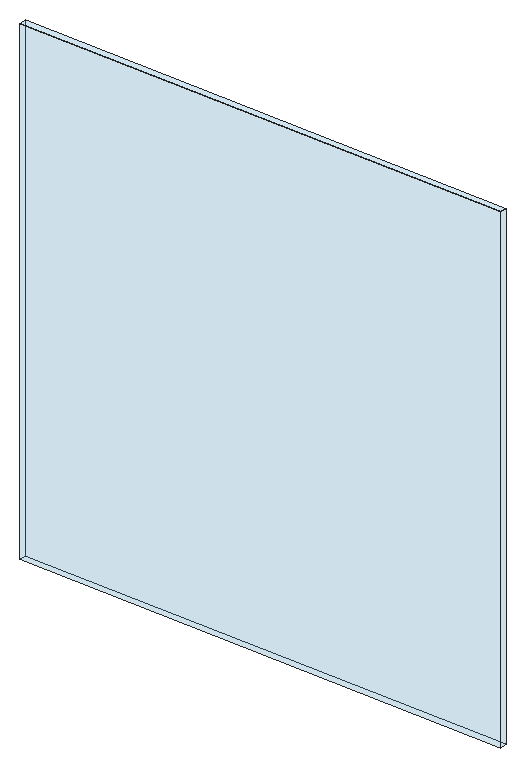
Revit family
Parameters (values of type "72" x 72"")
  Sealant = 0' - 0 3/8"
  Pocket Depth [instance] = 0' - 0 1/2"
  Head Height = Sill Height + Rough Height - Sealant  # 8' - 11 5/8"
  Depth [instance] = 0' - 9"
  Sill Height = 3' - 0"
  Rough Width = 6' - 0"
  Rough Height = 6' - 0"
  Model = "TC970"
  Material = ""
  Manufacturer = "Arcadia"
  Sightline = 0' - 2 5/8"
  Height = Rough Height - Sealant - Sealant  # 5' - 11 1/4"
  Wall Closure = (empty or 0)
  Width = Rough Width - Sealant - Sealant  # 5' - 11 1/4"
  Glass Thickness [instance] = 0' - 1"
  Offset to Inside Face of Glass [instance] = 0' - 7"
  Exterior Glass Offset [instance] = 0' - 2"
  Construction Type = "Aluminum"
  SBI [instance] = yes
  Center of Rough Opening [instance] = Rough Width / 2  # 3' - 0"
  Center of Glass [instance] = Glass Thickness / 2  # 0' - 0 1/2"
  Center Wall to Outside Face [instance] = 0' - 2 7/8"
  Assembly Code = ""
Reference planes (in)
  plane 1 "Center (Front/Back)": y = 0
  plane 2: z = 0
  plane 3 "Center (Left/Right)": x = 12
  plane 4 "Rough Opening Bottom": z = 36
  plane 5 "Rough Opening Top": z = 108
  plane 6 "Exterior Face": y = 5.5
  plane 7 "Frame Top": z = 105.375
  plane 8 "Frame Bottom": z = 38.625
  plane 9 "Rough Opening Left": x = -24
  plane 10 "Rough Opening Right": x = 48
  plane 11 "Frame Left": x = -21.375
  plane 12 "Frame Right": x = 45.375
  plane 13 "Exterior Wall Closer": y = 2
  plane 14 "Exterior Glass Edge": y = 3.04894
  plane 15 "Interior Glass Edge": y = 2.04894
  plane 16 "Glass Centerline": y = 2.54894
  plane 17 "Frame Outside": y = 4.04894
  plane 18 "Frame Inside": y = -4.95106
  plane 19: z = 105.875
  plane 20: z = 38.125
  plane 21: x = 45.875
  plane 22: x = -21.875
  plane 23: x = -23.625
  plane 24: x = 47.625
  plane 25: z = 36.375
  plane 26: z = 107.625
Forms (in)
  Extrusion 1, solid, material "Anodize Arcadia AC2 Clear #11", visible <- "SBI", detail levels coarse
    sketch origin (0, 0, 36) x (0, -1, 0) y (1, 0, 0)
      loop
        line (-4.04894, -24) -> (4.95106, -24) -> (4.95106, -21.375) -> (-2.04894, -21.375) -> (-2.04894, -21.875) -> (-3.04894, -21.875) -> (-3.04894, -21.375) -> (-4.04894, -21.375) -> (-4.04894, -24)
    from 0 to 72 <- "Rough Height"
  Extrusion 2, solid, material "Anodize Arcadia AC2 Clear #11", visible <- "SBI", detail levels coarse
    sketch origin (0, 0, 36) x (0, -1, 0) y (1, 0, 0)
      loop
        line (-4.04894, 45.375) -> (-3.04894, 45.375) -> (-3.04894, 45.875) -> (-2.04894, 45.875) -> (-2.04894, 45.375) -> (4.95106, 45.375) -> (4.95106, 48) -> (-4.04894, 48) -> (-4.04894, 45.375)
    from 0 to 72 <- "Rough Height"
  Extrusion 3, solid, material "Glass", visible <- "SBI"
    sketch origin (-0.5, 0, 36) x (0, -1, 0) y (1, 0, 0)
      loop
        line (-3.04894, -21.375) -> (-2.04894, -21.375) -> (-2.04894, 46.375) -> (-3.04894, 46.375) -> (-3.04894, -21.375)
    from 2.125 to 69.875
  Extrusion 4, solid, material "Anodize Arcadia AC2 Clear #11", detail levels coarse
    sketch origin (-24, 0, 0) x (0, 1, 0) y (0, 0, 1)
      loop
        line (-4.95106, 108) -> (-4.95106, 105.375) -> (2.04894, 105.375) -> (2.04894, 105.875) -> (3.04894, 105.875) -> (3.04894, 105.375) -> (4.04894, 105.375) -> (4.04894, 108) -> (-4.95106, 108)
    from 0 to 72 <- "Rough Width"
  Extrusion 5, solid, material "Anodize Arcadia AC2 Clear #11", detail levels coarse
    sketch origin (-24, 0, 0) x (0, 1, 0) y (0, 0, 1)
      loop
        line (4.04894, 38.625) -> (3.04894, 38.625) -> (3.04894, 38.125) -> (2.04894, 38.125) -> (2.04894, 38.625) -> (-4.95106, 38.625) -> (-4.95106, 36) -> (4.04894, 36) -> (4.04894, 38.625)
    from 0 to 72 <- "Rough Width"
  Extrusion 6, void
    sketch origin (0, 0, 36) x (0, -1, 0) y (1, 0, 0)
      loop
        line (-5.5, -24) -> (2.5, -24) -> (2.5, 48) -> (-5.5, 48) -> (-5.5, -24)
    from 0 to 72 <- "Rough Height"
Lines and regions (in)
  symbolic lines, detail levels coarse
    curve 1: line (45.375, 4.04894, 0) -> (48, 4.04894, 0)
    curve 2: line (45.375, -4.95106, 0) -> (45.375, 2.04894, 0)
    curve 3: line (48, -4.95106, 0) -> (45.375, -4.95106, 0)
    curve 4: line (48, 4.04894, 0) -> (48, -4.95106, 0)
    curve 5: line (-21.875, 3.04894, 0) -> (45.875, 3.04894, 0)
    curve 6: line (45.875, 3.04894, 0) -> (45.875, 2.04894, 0)
    curve 7: line (45.875, 2.04894, 0) -> (-21.875, 2.04894, 0)
    curve 8: line (45.375, 3.04894, 0) -> (45.375, 4.04894, 0)
    curve 9: line (-21.375, 4.04894, 0) -> (-24, 4.04894, 0)
    curve 10: line (-21.375, -4.95106, 0) -> (-21.375, 2.04894, 0)
    curve 11: line (-24, -4.95106, 0) -> (-21.375, -4.95106, 0)
    curve 12: line (-24, 4.04894, 0) -> (-24, -4.95106, 0)
    curve 13: line (-21.875, 3.04894, 0) -> (-21.875, 2.04894, 0)
    curve 14: line (-21.375, 3.04894, 0) -> (-21.375, 4.04894, 0)
Text (in)
  text "EXTERIOR" at (-58.6888, 50.90694, 0), in view "Ref. Level"
  text "INTERIOR" at (-58.6888, -37.76638, 0), in view "Ref. Level"
  text "Exterior" at (0, 43.65631, 123.19604), in view "Left"
  text "Exterior" at (0, 18.29385, 125.04747), in view "Right"
Dimensions and locks (in)
  "Rough Height": plane 4 "Rough Opening Bottom" to plane 5 "Rough Opening Top"
  "Sill Height": plane 2 to plane 4 "Rough Opening Bottom"
  "Sightline": plane 7 "Frame Top" to plane 5 "Rough Opening Top"
  "Sightline": plane 4 "Rough Opening Bottom" to plane 8 "Frame Bottom"
  "Rough Width": plane 9 "Rough Opening Left" to plane 10 "Rough Opening Right"
  "Sightline": plane 9 "Rough Opening Left" to plane 11 "Frame Left"
  "Sightline": plane 12 "Frame Right" to plane 10 "Rough Opening Right"
  "Depth": plane 18 "Frame Inside" to plane 17 "Frame Outside"
  "Glass Thickness": plane 14 "Exterior Glass Edge" to plane 15 "Interior Glass Edge"
  "Center of Glass": plane 16 "Glass Centerline" to plane 15 "Interior Glass Edge"
  "Center of Rough Opening": plane 9 "Rough Opening Left" to plane 3 "Center (Left/Right)"
  "Offset to Inside Face of Glass": plane 18 "Frame Inside" to plane 15 "Interior Glass Edge"
  "Pocket Depth": plane 12 "Frame Right" to plane 21
  "Pocket Depth": plane 22 to plane 11 "Frame Left"
  "Pocket Depth": plane 7 "Frame Top" to plane 19
  "Pocket Depth": plane 20 to plane 8 "Frame Bottom"
  "Sealant": plane 24 to plane 10 "Rough Opening Right"
  "Sealant": plane 9 "Rough Opening Left" to plane 23
  "Sealant": plane 4 "Rough Opening Bottom" to plane 25
  "Sealant": plane 26 to plane 5 "Rough Opening Top"
  aligned and locked: plane 6 "Exterior Face" to host wall
  aligned and locked: Extrusion 1 sketch curve to plane 18 "Frame Inside"
  aligned and locked: plane 17 "Frame Outside" to Extrusion 1 sketch curve
  aligned and locked: Extrusion 1 sketch curve to plane 11 "Frame Left"
  aligned and locked: plane 9 "Rough Opening Left" to Extrusion 1 sketch curve
  aligned and locked: plane 12 "Frame Right" to Extrusion 2 sketch curve
  aligned and locked: Extrusion 2 sketch curve to plane 10 "Rough Opening Right"
  aligned and locked: Extrusion 2 sketch curve to plane 18 "Frame Inside"
  aligned and locked: plane 17 "Frame Outside" to Extrusion 2 sketch curve
  aligned and locked: Extrusion 3 sketch curve to plane 14 "Exterior Glass Edge"
  aligned and locked: plane 15 "Interior Glass Edge" to Extrusion 3 sketch curve
  aligned and locked: plane 5 "Rough Opening Top" to Extrusion 4 sketch curve
  aligned and locked: Extrusion 4 sketch curve to plane 7 "Frame Top"
  aligned and locked: Extrusion 4 sketch curve to plane 18 "Frame Inside"
  aligned and locked: plane 17 "Frame Outside" to Extrusion 4 sketch curve
  aligned and locked: Extrusion 5 sketch curve to plane 4 "Rough Opening Bottom"
  aligned and locked: plane 8 "Frame Bottom" to Extrusion 5 sketch curve
  aligned and locked: Extrusion 5 sketch curve to plane 18 "Frame Inside"
  aligned and locked: plane 17 "Frame Outside" to Extrusion 5 sketch curve
  aligned and locked: plane 4 "Rough Opening Bottom" to nested 3
  aligned and locked: nested 2 to plane 5 "Rough Opening Top"
  aligned and locked: Extrusion 3 to plane 22
  aligned and locked: plane 20 to Extrusion 3
  aligned and locked: Extrusion 3 to plane 19
  aligned and locked: plane 18 "Frame Inside" to nested 3
  aligned and locked: plane 18 "Frame Inside" to nested 2
  aligned and locked: nested 4 to plane 9 "Rough Opening Left"
  aligned and locked: nested 4 to plane 17 "Frame Outside"
  aligned and locked: nested 1 to plane 17 "Frame Outside"
  aligned and locked: plane 10 "Rough Opening Right" to nested 1
  aligned and locked: Extrusion 2 sketch curve to plane 14 "Exterior Glass Edge"
  aligned and locked: plane 15 "Interior Glass Edge" to Extrusion 2 sketch curve
  aligned and locked: Extrusion 2 sketch curve to plane 21
  aligned and locked: plane 14 "Exterior Glass Edge" to Extrusion 1 sketch curve
  aligned and locked: Extrusion 1 sketch curve to plane 15 "Interior Glass Edge"
  aligned and locked: Extrusion 1 sketch curve to plane 22
  aligned and locked: plane 14 "Exterior Glass Edge" to Extrusion 4 sketch curve
  aligned and locked: Extrusion 4 sketch curve to plane 15 "Interior Glass Edge"
  aligned and locked: Extrusion 4 sketch curve to plane 19
  aligned and locked: plane 14 "Exterior Glass Edge" to Extrusion 5 sketch curve
  aligned and locked: Extrusion 5 sketch curve to plane 15 "Interior Glass Edge"
  aligned and locked: plane 20 to Extrusion 5 sketch curve
  aligned and locked: plane 17 "Frame Outside" to curve 1
  aligned and locked: curve 3 to plane 18 "Frame Inside"
  aligned and locked: curve 4 to plane 10 "Rough Opening Right"
  aligned and locked: plane 12 "Frame Right" to curve 8
  aligned and locked: plane 12 "Frame Right" to curve 2
  aligned and locked: curve 6 to plane 21
  aligned and locked: curve 5 to plane 14 "Exterior Glass Edge"
  aligned and locked: plane 15 "Interior Glass Edge" to curve 7
  aligned and locked: curve 12 to plane 9 "Rough Opening Left"
  aligned and locked: plane 11 "Frame Left" to curve 14
  aligned and locked: plane 11 "Frame Left" to curve 10
  aligned and locked: curve 13 to plane 22
  aligned and locked: plane 18 "Frame Inside" to curve 11
  aligned and locked: curve 9 to plane 17 "Frame Outside"
  aligned and locked: level to plane 2
  aligned and locked: plane 9 "Rough Opening Left" to Extrusion 6 sketch curve
  aligned and locked: plane 6 "Exterior Face" to Extrusion 6 sketch curve
  aligned and locked: host wall to Extrusion 6 sketch curve
  aligned and locked: plane 10 "Rough Opening Right" to Extrusion 6 sketch curve
  aligned and locked: plane 10 "Rough Opening Right" to import instance
  aligned and locked: import instance to plane 18 "Frame Inside"  (x2)
  aligned and locked: import instance to plane 9 "Rough Opening Left"
  aligned and locked: plane 18 "Frame Inside" to import instance
  aligned and locked: plane 17 "Frame Outside" to import instance
  aligned and locked: import instance to plane 4 "Rough Opening Bottom"
  aligned and locked: import instance to plane 5 "Rough Opening Top"
Automatic sketch dimensions
  Extrusion 1 sketch curve to plane 11 "Frame Left" = 0' - 0"
  Extrusion 2 sketch curve to plane 12 "Frame Right" = 0' - 0"
  Extrusion 4 sketch curve to plane 7 "Frame Top" = 0' - 0"
  Extrusion 5 sketch curve to plane 8 "Frame Bottom" = 0' - 0"
  Extrusion 3 sketch curve to plane 22 = 0' - 0"
  Extrusion 3 sketch curve to plane 21 = 0' - 0"
Nested families (in)
  nested 1: "Window-Arcadia-TC970-Med-Jamb-R" at (46.9375, 2.54894, 0) x (-1, 0, 0) z (0, 0, 1), type "Window-Arcadia-TC970-Med-Jamb-R", detail levels medium
    with Sightline 0' - 2 5/8", Pocket Depth 0' - 0 1/2", Offset to Inside Face of Glass 0' - 7", Glass Width 0' - 1", Frame Wall Thickness 0' - 0 3/32", Depth 0' - 9", Center of Glass 0' - 0 1/2"
  nested 2: "Window-Arcadia-TC970-Med-Head" at (33.875, 2.54894, 108) x (0, -1, 0) z (1, 0, 0), type "Window-Arcadia-TC970-Med-Head", detail levels medium
    with Sightline 0' - 2 5/8", Pocket Depth 0' - 0 1/2", Offset to Inside Face of Glass 0' - 7", Frame Wall Thickness 0' - 0 3/32", Depth 0' - 9", Center of Glass 0' - 0 1/2"
  nested 3: "Window-Arcadia-TC970-Med-Sill" at (33.875, 2.54894, 36) x (0, -1, 0) z (1, 0, 0), type "Window-Arcadia-TC970-Med-Sill", detail levels medium
    with Sightline 0' - 2 5/8", Pocket Depth 0' - 0 1/2", Offset to Inside Face of Glass 0' - 7", Frame Wall Thickness 0' - 0 3/32", Depth 0' - 9", Center of Glass 0' - 0 1/2"
  nested 4: "Window-Arcadia-TC970-Med-Jamb-L" at (-22.9375, 2.54894, 0) x (-1, 0, 0) z (0, 0, 1), type "Window-Arcadia-TC970-Med-Jamb-L", detail levels medium
    with Sightline 0' - 2 5/8", Pocket Depth 0' - 0 1/2", Offset to Inside Face of Glass 0' - 7", Glass Width 0' - 1", Frame Wall Thickness 0' - 0 3/32", Depth 0' - 9", Center of Glass 0' - 0 1/2"
Definition of nested family "Window-Arcadia-TC970-Med-Jamb-R"
  Parameters (values of type "Window-Arcadia-TC670-Med-Jamb-R")
    Depth [instance] = 0' - 6"
    Pocket Depth [instance] = 0' - 0 3/4"
    Offset to Inside Face of Glass [instance] = 0' - 4"
    Glass Width [instance] = 0' - 1"
    Sightline [instance] = 0' - 2 5/8"
    Center of Glass [instance] = Glass Width / 2  # 0' - 0 1/2"
    Frame Wall Thickness [instance] = 0' - 0 3/32"
    Assembly Code = ""
  Reference planes (in)
    plane 1 "Center (Front/Back)": y = 0
    plane 2: z = 0
    plane 3: x = 1.5625
    plane 4 "back": x = -1.0625
    plane 5: y = 4.5
    plane 6: y = -1.5
    plane 7 "Inside Face of Glass": y = 0.5
    plane 8: y = -0.5
    plane 9: x = 0.8125
  Lines and regions (in)
    detail lines, in view "Ref. Level", detail levels medium
      curve 1: line (-1.0625, 4.5, 0) -> (-1.0625, -1.5, 0)
      curve 2: line (-1.0625, -1.5, 0) -> (1.5625, -1.5, 0)
      curve 3: line (1.5625, -1.5, 0) -> (1.5625, -0.5, 0)
      curve 4: line (1.5625, -0.5, 0) -> (0.8125, -0.5, 0)
      curve 5: line (0.8125, -0.5, 0) -> (0.8125, 0.5, 0)
      curve 6: line (0.8125, 0.5, 0) -> (1.5625, 0.5, 0)
      curve 7: line (1.5625, 0.5, 0) -> (1.5625, 4.5, 0)
      curve 8: line (1.5625, 4.5, 0) -> (-1.0625, 4.5, 0)
      curve 9: line (1.46875, 4.40625, 0) -> (-0.96875, 4.40625, 0)
      curve 10: line (-0.96875, 4.40625, 0) -> (-0.96875, -1.40625, 0)
      curve 11: line (-0.96875, -1.40625, 0) -> (1.46875, -1.40625, 0)
      curve 12: line (1.46875, -1.40625, 0) -> (1.46875, -0.59375, 0)
      curve 13: line (1.46875, -0.59375, 0) -> (0.71875, -0.59375, 0)
      curve 14: line (0.71875, -0.59375, 0) -> (0.71875, 0.59375, 0)
      curve 15: line (0.71875, 0.59375, 0) -> (1.46875, 0.59375, 0)
      curve 16: line (1.46875, 0.59375, 0) -> (1.46875, 4.40625, 0)
      curve 17: line (1.5625, 4.5, 0) -> (-1.0625, 4.5, 0)
      curve 18: line (-1.0625, 4.40625, 0) -> (-1.0625, -1.5, 0)
  Dimensions and locks (in)
    "Sightline": plane 4 "back" to plane 3
    "Depth": plane 5 to plane 6
    "Center of Glass": plane 1 "Center (Front/Back)" to plane 7 "Inside Face of Glass"
    "Glass Width": plane 8 to plane 7 "Inside Face of Glass"
    "Pocket Depth": plane 9 to plane 3
    "Offset to Inside Face of Glass": plane 5 to plane 7 "Inside Face of Glass"
    "Frame Wall Thickness": plane 5 to curve 9
    "Frame Wall Thickness": plane 4 "back" to curve 10
    "Frame Wall Thickness": curve 11 to plane 6
    "Frame Wall Thickness": curve 12 to plane 3
    "Frame Wall Thickness": curve 13 to plane 8
    "Frame Wall Thickness": plane 7 "Inside Face of Glass" to curve 15
    "Frame Wall Thickness": curve 14 to plane 9
    "Frame Wall Thickness": curve 16 to plane 3
    aligned and locked: plane 5 to curve 8
    aligned and locked: curve 1 to plane 4 "back"
    aligned and locked: curve 2 to plane 6
    aligned and locked: plane 3 to curve 3
    aligned and locked: curve 4 to plane 8
    aligned and locked: plane 9 to curve 5
    aligned and locked: plane 7 "Inside Face of Glass" to curve 6
    aligned and locked: plane 3 to curve 7
  Automatic sketch dimensions
    curve 18 to curve 9 = 0' - 0"
Definition of nested family "Window-Arcadia-TC970-Med-Head"
  Parameters (values of type "Window-Arcadia-TC670-Med-Head")
    Depth [instance] = 0' - 6"
    Pocket Depth [instance] = 0' - 0 1/2"
    Offset to Inside Face of Glass [instance] = 0' - 4"
    Glass Width = 0' - 1"
    Sightline [instance] = 0' - 2 5/8"
    Center of Glass [instance] = Glass Width / 2  # 0' - 0 1/2"
    Frame Wall Thickness [instance] = 0' - 0 3/32"
    Assembly Code = ""
  Reference planes (in)
    plane 1 "Center (Front/Back)": y = 0
    plane 2: z = 0
    plane 3 "Center (Left/Right)": x = 0
    plane 4: x = -0.5
    plane 5 "Inside Face of Glass": x = 0.5
    plane 6: y = -2.625
    plane 7: x = 4.5
    plane 8: x = -1.5
    plane 9: y = -2.125
  Lines and regions (in)
    detail lines, in view "Ref. Level", detail levels medium
      curve 1: line (-1.5, 0, 0) -> (-1.5, -2.625, 0)
      curve 2: line (-1.5, -2.625, 0) -> (-0.5, -2.625, 0)
      curve 3: line (-0.5, -2.625, 0) -> (-0.5, -2.125, 0)
      curve 4: line (-0.5, -2.125, 0) -> (0.5, -2.125, 0)
      curve 5: line (0.5, -2.125, 0) -> (0.5, -2.625, 0)
      curve 6: line (0.5, -2.625, 0) -> (4.5, -2.625, 0)
      curve 7: line (4.5, -2.625, 0) -> (4.5, 0, 0)
      curve 8: line (4.5, 0, 0) -> (-1.5, 0, 0)
      curve 9: line (-1.40625, -0.09375, 0) -> (-1.40625, -2.53125, 0)
      curve 10: line (4.40625, -0.09375, 0) -> (-1.40625, -0.09375, 0)
      curve 11: line (4.40625, -2.53125, 0) -> (4.40625, -0.09375, 0)
      curve 12: line (0.59375, -2.53125, 0) -> (4.40625, -2.53125, 0)
      curve 13: line (-1.40625, -2.53125, 0) -> (-0.59375, -2.53125, 0)
      curve 14: line (-0.59375, -2.53125, 0) -> (-0.59375, -2.03125, 0)
      curve 15: line (-0.59375, -2.03125, 0) -> (0.59375, -2.03125, 0)
      curve 16: line (0.59375, -2.03125, 0) -> (0.59375, -2.53125, 0)
  Dimensions and locks (in)
    "Sightline": plane 6 to plane 1 "Center (Front/Back)"
    "Depth": plane 8 to plane 7
    "Pocket Depth": plane 6 to plane 9
    "Offset to Inside Face of Glass": plane 5 "Inside Face of Glass" to plane 7
    "Glass Width": plane 4 to plane 5 "Inside Face of Glass"
    "Center of Glass": plane 3 "Center (Left/Right)" to plane 5 "Inside Face of Glass"
    "Frame Wall Thickness": plane 8 to curve 9
    "Frame Wall Thickness": curve 10 to plane 1 "Center (Front/Back)"
    "Frame Wall Thickness": curve 11 to plane 7
    "Frame Wall Thickness": plane 6 to curve 12
    "Frame Wall Thickness": plane 6 to curve 13
    "Frame Wall Thickness": plane 9 to curve 15
    "Frame Wall Thickness": plane 5 "Inside Face of Glass" to curve 16
    "Frame Wall Thickness": curve 14 to plane 4
    aligned and locked: curve 8 to plane 1 "Center (Front/Back)"
    aligned and locked: plane 7 to curve 7
    aligned and locked: curve 1 to plane 8
    aligned and locked: plane 9 to curve 4
    aligned and locked: plane 4 to curve 3
    aligned and locked: plane 6 to curve 2
    aligned and locked: plane 6 to curve 6
  Automatic sketch dimensions
    curve 5 to plane 5 "Inside Face of Glass" = 0' - 0"
Definition of nested family "Window-Arcadia-TC970-Med-Sill"
  Parameters (values of type "Window-Arcadia-TC670-Med-Sill")
    Depth [instance] = 0' - 6"
    Pocket Depth [instance] = 0' - 0 1/2"
    Offset to Inside Face of Glass [instance] = 0' - 4"
    Glass Width = 0' - 1"
    Sightline [instance] = 0' - 2 5/8"
    Center of Glass [instance] = Glass Width / 2  # 0' - 0 1/2"
    Frame Wall Thickness [instance] = 0' - 0 3/32"
    Assembly Code = ""
  Reference planes (in)
    plane 1 "Center (Front/Back)": y = 0
    plane 2: z = 0
    plane 3 "Center (Left/Right)": x = 0
    plane 4: x = -0.5
    plane 5 "Inside Face of Glass": x = 0.5
    plane 6: y = 2.625
    plane 7: x = 4.5
    plane 8: x = -1.5
    plane 9: y = 2.125
  Lines and regions (in)
    detail lines, in view "Ref. Level", detail levels medium
      curve 1: line (-1.5, 2.625, 0) -> (-1.5, 0, 0)
      curve 2: line (-1.5, 0, 0) -> (4.5, 0, 0)
      curve 3: line (4.5, 0, 0) -> (4.5, 2.625, 0)
      curve 4: line (4.5, 2.625, 0) -> (0.5, 2.625, 0)
      curve 5: line (0.5, 2.625, 0) -> (0.5, 2.125, 0)
      curve 6: line (0.5, 2.125, 0) -> (-0.5, 2.125, 0)
      curve 7: line (-0.5, 2.125, 0) -> (-0.5, 2.625, 0)
      curve 8: line (-0.5, 2.625, 0) -> (-1.5, 2.625, 0)
      curve 9: line (-0.59375, 2.53125, 0) -> (-1.40625, 2.53125, 0)
      curve 10: line (-1.40625, 2.53125, 0) -> (-1.40625, 0.09375, 0)
      curve 11: line (-1.40625, 0.09375, 0) -> (4.40625, 0.09375, 0)
      curve 12: line (4.40625, 0.09375, 0) -> (4.40625, 2.53125, 0)
      curve 13: line (4.40625, 2.53125, 0) -> (0.59375, 2.53125, 0)
      curve 14: line (0.59375, 2.53125, 0) -> (0.59375, 2.03125, 0)
      curve 15: line (0.59375, 2.03125, 0) -> (-0.59375, 2.03125, 0)
      curve 16: line (-0.59375, 2.03125, 0) -> (-0.59375, 2.53125, 0)
  Dimensions and locks (in)
    "Pocket Depth": plane 9 to plane 6
    "Sightline": plane 1 "Center (Front/Back)" to plane 6
    "Depth": plane 8 to plane 7
    "Offset to Inside Face of Glass": plane 5 "Inside Face of Glass" to plane 7
    "Glass Width": plane 4 to plane 5 "Inside Face of Glass"
    "Center of Glass": plane 3 "Center (Left/Right)" to plane 5 "Inside Face of Glass"
    "Frame Wall Thickness": curve 9 to plane 6
    "Frame Wall Thickness": plane 8 to curve 10
    "Frame Wall Thickness": plane 1 "Center (Front/Back)" to curve 11
    "Frame Wall Thickness": curve 12 to plane 7
    "Frame Wall Thickness": curve 13 to plane 6
    "Frame Wall Thickness": plane 5 "Inside Face of Glass" to curve 14
    "Frame Wall Thickness": curve 15 to plane 9
    "Frame Wall Thickness": curve 16 to plane 4
    aligned and locked: plane 1 "Center (Front/Back)" to curve 2
    aligned and locked: plane 7 to curve 3
    aligned and locked: curve 1 to plane 8
    aligned and locked: curve 8 to plane 6
    aligned and locked: curve 4 to plane 6
    aligned and locked: curve 6 to plane 9
    aligned and locked: curve 5 to plane 5 "Inside Face of Glass"
    aligned and locked: plane 4 to curve 7
  Automatic sketch dimensions
    curve 7 to plane 9 = 0' - 0"
Definition of nested family "Window-Arcadia-TC970-Med-Jamb-L"
  Parameters (values of type "Window-Arcadia-TC670-Med-Jamb-L")
    Depth [instance] = 0' - 6"
    Pocket Depth [instance] = 0' - 0 1/2"
    Offset to Inside Face of Glass [instance] = 0' - 4"
    Glass Width [instance] = 0' - 1"
    Sightline [instance] = 0' - 2 1/8"
    Center of Glass [instance] = Glass Width / 2  # 0' - 0 1/2"
    Frame Wall Thickness [instance] = 0' - 0 3/32"
    Assembly Code = ""
  Reference planes (in)
    plane 1 "Center (Front/Back)": y = 0
    plane 2: z = 0
    plane 3 "BACK": x = 1.0625
    plane 4 "FRONT": x = -1.0625
    plane 5: y = 1.5
    plane 6: y = -4.5
    plane 7 "Inside Face of Glass": y = 0.5
    plane 8: y = -0.5
    plane 9: x = -0.5625
  Lines and regions (in)
    detail lines, in view "Ref. Level", detail levels medium
      curve 1: line (1.0625, 1.5, 0) -> (1.0625, -4.5, 0)
      curve 2: line (1.0625, -4.5, 0) -> (-1.0625, -4.5, 0)
      curve 3: line (-1.0625, -4.5, 0) -> (-1.0625, -0.5, 0)
      curve 4: line (-1.0625, -0.5, 0) -> (-0.5625, -0.5, 0)
      curve 5: line (-0.5625, -0.5, 0) -> (-0.5625, 0.5, 0)
      curve 6: line (-0.5625, 0.5, 0) -> (-1.0625, 0.5, 0)
      curve 7: line (-1.0625, 0.5, 0) -> (-1.0625, 1.5, 0)
      curve 8: line (-1.0625, 1.5, 0) -> (1.0625, 1.5, 0)
      curve 9: line (-0.96875, 1.40625, 0) -> (0.96875, 1.40625, 0)
      curve 10: line (-0.96875, 0.59375, 0) -> (-0.96875, 1.40625, 0)
      curve 11: line (-0.46875, 0.59375, 0) -> (-0.96875, 0.59375, 0)
      curve 12: line (-0.46875, -0.59375, 0) -> (-0.46875, 0.59375, 0)
      curve 13: line (-0.96875, -0.59375, 0) -> (-0.46875, -0.59375, 0)
      curve 14: line (-0.96875, -4.40625, 0) -> (-0.96875, -0.59375, 0)
      curve 15: line (0.96875, -4.40625, 0) -> (-0.96875, -4.40625, 0)
      curve 16: line (0.96875, 1.40625, 0) -> (0.96875, -4.40625, 0)
  Dimensions and locks (in)
    "Depth": plane 5 to plane 6
    "Pocket Depth": plane 4 "FRONT" to plane 9
    "Sightline": plane 4 "FRONT" to plane 3 "BACK"
    "Glass Width": plane 8 to plane 7 "Inside Face of Glass"
    "Center of Glass": plane 1 "Center (Front/Back)" to plane 7 "Inside Face of Glass"
    "Frame Wall Thickness": plane 4 "FRONT" to curve 10
    "Frame Wall Thickness": plane 5 to curve 9
    "Frame Wall Thickness": curve 15 to plane 6
    "Frame Wall Thickness": curve 13 to plane 8
    "Frame Wall Thickness": plane 9 to curve 12
    "Frame Wall Thickness": plane 7 "Inside Face of Glass" to curve 11
    "Frame Wall Thickness": plane 4 "FRONT" to curve 14
    "Offset to Inside Face of Glass": plane 6 to plane 8
    aligned and locked: curve 8 to plane 5
    aligned and locked: curve 1 to plane 3 "BACK"
    aligned and locked: plane 6 to curve 2
    aligned and locked: curve 3 to plane 4 "FRONT"
    aligned and locked: plane 8 to curve 4
    aligned and locked: plane 9 to curve 5
    aligned and locked: curve 6 to plane 7 "Inside Face of Glass"
    aligned and locked: plane 4 "FRONT" to curve 7
  Automatic sketch dimensions
    curve 16 to plane 3 "BACK" = 0' - 0 3/32"
